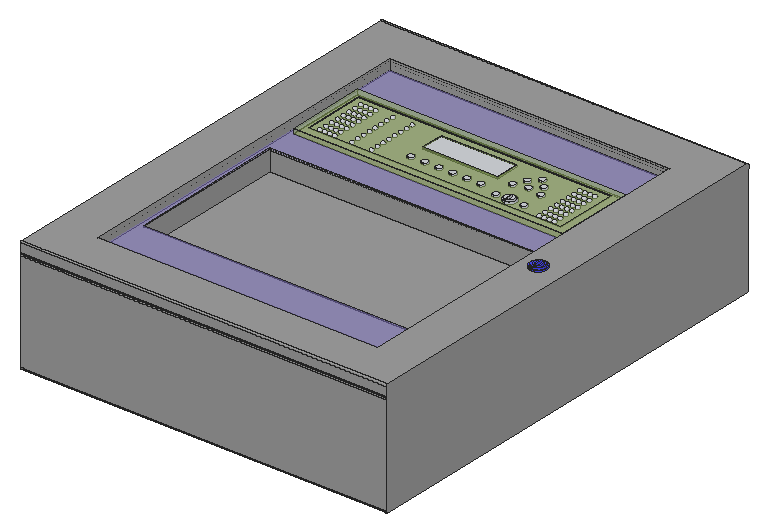
Revit family "Maxlogic Akıllı Adresli Yangın Alarm Santralı büyük kasa", category Fire Alarm Devices, host Face, Revit 2021
Family settings
  Host = Face
  Maintain Annotation Orientation = Yes
  Round Connector Dimension = Use Diameter
  Part Type = Normal
  OmniClass Number = 23.85.30.21
  OmniClass Title = Environmental Detection/Registration
  Cut with Voids When Loaded = No
  Shared = No
  Room Calculation Point = No
Parameters (values of type "Maxlogic Akıllı Adresli Yangın Alarm Santralı, Çevrimsiz, Network")
  Weight = "~ 34,25 - 35,70 kg (Akü hariç ağırlık)"
  Weatherproof surface mounting back box = ""
  Warranty Duration Unit = "Year"
  Warranty Duration Parts = "2"
  Warranty Duration Labor = "2"
  Version = ""
  URL = "https://www.mavili.com.tr/"
  Recessed mounting base = ""
  Public Works Pose Number = ""
  Protection Sign = "IP30"
  Product Code = "ML-1250.N"
  Phone Number = "(+)90 216 466 45 05"
  Operatonal Voltage (default) = ""
  Operating voltage range = ""
  Operating temperature = "(-10°C) - (+55°C)"
  Nominal Depth = "205 mm"
  Nominal Width = "650 mm"
  Nominal Height = "800 mm"
  Mounting surface = "Duvara montaj"
  Mounting height = ""
  Model = "Maxlogic"
  Manufacturer = "Mavili Elektronik Ticaret A.Ş."
  Installation Manual = "https://mavilielektronik.com/Revit/ML12XX_kk.pdf"
  Indicator output = ""
  Fax Number = "(+)90 216 466 45 10"
  External supply = "220 V AC"
  Email = "mavili@mavili.com.tr"
  Disclaimer = ""
  Device Adress Setup = ""
  Description = "Akıllı Adresli Yangın Alarm Santralı, Çevrimsiz, Network"
  Default Elevation = 0 mm
  Current consumption = ""
  Cost unıt = ""
  Cost = 0
  Compatible sockets = ""
  Color = "Kırmızı"
  Code Performance = "EN 54\u001f-2 / EN 54-\u001f4"
  Main Material = "Metal Red"
  Secondary Material = "Plexiglas"
  Battery = "4 X (12V DC 7 Ah )"
  Address line 1 = "Şerifali Mahallesi Kutup Sokak No:27/1-2-4 Ümraniye TR-34775 İSTANBUL"
Types (18, lengths in mm): name | Public Works Pose Number | Product Code | Model | Description
  (no name) | "" | "ML-1250.N" | "Maxlogic" | "Akıllı Adresli Yangın Alarm Santralı, Çevrimsiz, Network"
  Maxlogic Akıllı Adresli Yangın Alarm Santralı, Çevrimsiz, Network | "" | "ML-1250.N" | "Maxlogic" | "Akıllı Adresli Yangın Alarm Santralı, Çevrimsiz, Network"
  Maxlogic Akıllı Adresli Yangın Alarm Santralı, 1 Çevrim, 127 Adres | "" | "ML-1251" | "Maxlogic" | "Akıllı Adresli Yangın Alarm Santralı, 1 Çevrim, 127 Adres"
  Maxlogic Akıllı Adresli Yangın Alarm Santralı, 2 Çevrim, 254 Adres | "" | "ML-1252" | "MaxLogic" | "Akıllı Adresli Yangın Alarm Santralı, 2 Çevrim, 254 Adres"
  Maxlogic Akıllı Adresli Yangın Alarm Santralı, 3 Çevrim, 381 Adres | "" | "ML-1253" | "Maxlogic" | "Akıllı Adresli Yangın Alarm Santralı, 3 Çevrim, 381 Adres"
  Maxlogic Akıllı Adresli Yangın Alarm Santralı, 4 Çevrim, 508 Adres | "" | "ML-1254" | "Maxlogic" | "Akıllı Adresli Yangın Alarm Santralı, 4 Çevrim, 508 Adres"
  Maxlogic Akıllı Adresli Yangın Alarm Santralı, 5 Çevrim, 635 Adres | "" | "ML-1255" | "Maxlogic" | "Akıllı Adresli Yangın Alarm Santralı, 5 Çevrim, 635 Adres"
  Maxlogic Akıllı Adresli Yangın Alarm Santralı, 6 Çevrim, 762 Adres | "" | "ML-1256" | "Maxlogic" | "Akıllı Adresli Yangın Alarm Santralı, 6 Çevrim, 762 Adres"
  Maxlogic Akıllı Adresli Yangın Alarm Santralı, 7 Çevrim, 889 Adres | "" | "ML-1257" | "Maxlogic" | "Akıllı Adresli Yangın Alarm Santralı, 7 Çevrim, 889 Adres"
  Maxlogic Akıllı Adresli Yangın Alarm Santralı, 8 Çevrim, 1016 Adres | "" | "ML-1258" | "Maxlogic" | "Akıllı Adresli Yangın Alarm Santralı, 8 Çevrim, 1016 Adres"
  Maxlogic Akıllı Adresli Yangın Alarm Santralı, 9 Çevrim, 1143 Adres | "833-311" | "ML-1259" | "Maxlogic" | "Akıllı Adresli Yangın Alarm Santralı, 9 Çevrim, 1143 Adres"
  Maxlogic Akıllı Adresli Yangın Alarm Santralı, 10 Çevrim, 1270 Adres | "833-312" | "ML-12510" | "Maxlogic" | "Akıllı Adresli Yangın Alarm Santralı, 10 Çevrim, 1270 Adres"
  Maxlogic Akıllı Adresli Yangın Alarm Santralı, 11 Çevrim, 1397 Adres | "833-313" | "ML-12511" | "Maxlogic" | "Akıllı Adresli Yangın Alarm Santralı, 11 Çevrim, 1397 Adres"
  Maxlogic Akıllı Adresli Yangın Alarm Santralı, 12 Çevrim, 1524 Adres | "833-314" | "ML-12512" | "Maxlogic" | "Akıllı Adresli Yangın Alarm Santralı, 12 Çevrim, 1524 Adres"
  Maxlogic Akıllı Adresli Yangın Alarm Santralı, 13 Çevrim, 1651 Adres | "833-315" | "ML-12513" | "Maxlogic" | "Akıllı Adresli Yangın Alarm Santralı, 13 Çevrim, 1651 Adres"
  Maxlogic Akıllı Adresli Yangın Alarm Santralı, 14 Çevrim, 1778 Adres | "833-316" | "ML-12514" | "Maxlogic" | "Akıllı Adresli Yangın Alarm Santralı, 14 Çevrim, 1778 Adres"
  Maxlogic Akıllı Adresli Yangın Alarm Santralı, 15 Çevrim, 1905 Adres | "833-317" | "ML-12515" | "Maxlogic" | "Akıllı Adresli Yangın Alarm Santralı, 15 Çevrim, 1905 Adres"
  Maxlogic Akıllı Adresli Yangın Alarm Santralı, 16 Çevrim, 2032 Adres | "833-318" | "ML-12516" | "Maxlogic" | "Akıllı Adresli Yangın Alarm Santralı, 16 Çevrim, 2032 Adres"
Reference planes
  plane 1 "Center (Front/Back)": y = 0
  plane 2: z = 0
  plane 3 "Center (Left/Right)": x = 0
Forms (mm)
  Extrusion 1, solid, material "MAVİLİ KIRMIZI"
    sketch origin (0, 0, 0) x (0, 1, 0) y (0, 0, 1)
      loop
        arc (400, 0) -> (401.202, 0.498) -> (401.7, 1.7) r 1.7
        line (401.7, 1.7) -> (401.7, 20) -> (401.7, 22) -> (401.7, 169.2) -> (401.7, 171.2) -> (401.7, 181.2)
        arc (401.7, 181.2) -> (401.319, 182.119) -> (400.4, 182.5) r 1.3
        line (400.4, 182.5) -> (375.5, 182.5) -> (375.5, 183.35) -> (400.4, 183.35)
        arc (400.4, 183.35) -> (402.238, 184.112) -> (403, 185.95) r 2.6
        line (403, 185.95) -> (403, 202.45)
        arc (403, 202.45) -> (402.268, 204.218) -> (400.5, 204.95) r 2.5
        line (400.5, 204.95) -> (-400.5, 204.95)
        arc (-400.5, 204.95) -> (-402.268, 204.218) -> (-403, 202.45) r 2.5
        line (-403, 202.45) -> (-403, 185.95)
        arc (-403, 185.95) -> (-402.238, 184.112) -> (-400.4, 183.35) r 2.6
        line (-400.4, 183.35) -> (-388, 183.35) -> (-375.4, 183.35) -> (-375.4, 182.507) -> (-400.401, 182.507)
        arc (-400.401, 182.507) -> (-401.319, 182.127) -> (-401.7, 181.208) r 1.299
        line (-401.7, 181.208) -> (-401.7, 1.7)
        arc (-401.7, 1.7) -> (-401.202, 0.498) -> (-400, 0) r 1.7
        line (-400, 0) -> (400, 0)
    from 0 to 653.309
  Extrusion 2, solid, material "MAVİLİ KOYU GRİ"
    sketch origin (0, 400.5, 204.95) x (0, -1, 0) y (1, 0, 0)
      loop
        circle (408.79, 607.566) r 14.964
    from 0 to 1.467
  Extrusion 3, solid, material "MAVİLİ KOYU GRİ"
    sketch origin (0, 400.5, 204.95) x (0, -1, 0) y (1, 0, 0)
      loop
        circle (408.79, 607.566) r 11.5
    from 0 to 3.526
  Extrusion 4, solid, material "MAVİLİ KOYU GRİ"
    sketch origin (0, 400.5, 204.95) x (0, -1, 0) y (1, 0, 0)
      loop
        circle (408.79, 607.566) r 7.5
    from 0 to 4.805
  Extrusion 5, solid, material "MAVİLİ KOYU GRİ"
    sketch origin (0, 400.5, 204.95) x (0, -1, 0) y (1, 0, 0)
      loop
        line (414.975, 609.11) -> (402.606, 609.11) -> (402.606, 606.022) -> (414.975, 606.022) -> (414.975, 609.11)
    from 0 to 7.467
  Extrusion 6, void
    sketch origin (0, 0, 0) x (1, 0, 0) y (0, 1, 0)
      loop
        line (77.8, 322.429) -> (77.8, -327.571) -> (577.8, -327.571) -> (577.8, 322.429) -> (77.8, 322.429)
    from 185.95 to 212.35
  Extrusion 7, solid, material "MAVİLİ BEYAZ"
    sketch origin (0, 0, 185.95) x (1, 0, 0) y (0, 1, 0)
      loop
        line (87.8, 238.929) -> (87.8, 95.929) -> (567.8, 95.929) -> (567.8, 238.929) -> (87.8, 238.929)
    from 0 to 11.04
  Extrusion 8, void
    sketch origin (0, 0, 196.99) x (0, 1, 0) y (1, 0, 0)
      loop
        line (223.929, 102.8) -> (223.929, 552.8) -> (110.929, 552.8) -> (110.929, 102.8) -> (223.929, 102.8)
    from 0 to 2.067
  Revolve 9, solid
    sketch origin (0, 0, 194.923) x (0, 1, 0) y (-1, 0, 0)
      loop
        line (211.929, -117.7) -> (205.929, -117.7)
        arc (205.929, -117.7) -> (208.929, -120.7) -> (211.929, -117.7) r 3
      axis (211.929, -117.7) -> (205.929, -117.7)
    angle from 0 to -180
  Revolve 10, solid
    sketch origin (9, 0, 194.923) x (0, 1, 0) y (-1, 0, 0)
      loop
        line (211.929, -117.7) -> (205.929, -117.7)
        arc (205.929, -117.7) -> (208.929, -120.7) -> (211.929, -117.7) r 3
      axis (211.929, -117.7) -> (205.929, -117.7)
    angle from 0 to -180
  Revolve 11, solid
    sketch origin (18, 0, 194.923) x (0, 1, 0) y (-1, 0, 0)
      loop
        line (211.929, -117.7) -> (205.929, -117.7)
        arc (205.929, -117.7) -> (208.929, -120.7) -> (211.929, -117.7) r 3
      axis (211.929, -117.7) -> (205.929, -117.7)
    angle from 0 to -180
  Revolve 12, solid
    sketch origin (27, 0, 194.923) x (0, 1, 0) y (-1, 0, 0)
      loop
        line (211.929, -117.7) -> (205.929, -117.7)
        arc (205.929, -117.7) -> (208.929, -120.7) -> (211.929, -117.7) r 3
      axis (211.929, -117.7) -> (205.929, -117.7)
    angle from 0 to -180
  Revolve 13, solid
    sketch origin (0, -13, 194.923) x (0, 1, 0) y (-1, 0, 0)
      loop
        line (211.929, -117.7) -> (205.929, -117.7)
        arc (205.929, -117.7) -> (208.929, -120.7) -> (211.929, -117.7) r 3
      axis (211.929, -117.7) -> (205.929, -117.7)
    angle from 0 to -180
  Revolve 14, solid
    sketch origin (9, -13, 194.923) x (0, 1, 0) y (-1, 0, 0)
      loop
        line (211.929, -117.7) -> (205.929, -117.7)
        arc (205.929, -117.7) -> (208.929, -120.7) -> (211.929, -117.7) r 3
      axis (211.929, -117.7) -> (205.929, -117.7)
    angle from 0 to -180
  Revolve 15, solid
    sketch origin (18, -13, 194.923) x (0, 1, 0) y (-1, 0, 0)
      loop
        line (211.929, -117.7) -> (205.929, -117.7)
        arc (205.929, -117.7) -> (208.929, -120.7) -> (211.929, -117.7) r 3
      axis (211.929, -117.7) -> (205.929, -117.7)
    angle from 0 to -180
  Revolve 16, solid
    sketch origin (27, -13, 194.923) x (0, 1, 0) y (-1, 0, 0)
      loop
        line (211.929, -117.7) -> (205.929, -117.7)
        arc (205.929, -117.7) -> (208.929, -120.7) -> (211.929, -117.7) r 3
      axis (211.929, -117.7) -> (205.929, -117.7)
    angle from 0 to -180
  Revolve 17, solid
    sketch origin (0, -26, 194.923) x (0, 1, 0) y (-1, 0, 0)
      loop
        line (211.929, -117.7) -> (205.929, -117.7)
        arc (205.929, -117.7) -> (208.929, -120.7) -> (211.929, -117.7) r 3
      axis (211.929, -117.7) -> (205.929, -117.7)
    angle from 0 to -180
  Revolve 18, solid
    sketch origin (9, -26, 194.923) x (0, 1, 0) y (-1, 0, 0)
      loop
        line (211.929, -117.7) -> (205.929, -117.7)
        arc (205.929, -117.7) -> (208.929, -120.7) -> (211.929, -117.7) r 3
      axis (211.929, -117.7) -> (205.929, -117.7)
    angle from 0 to -180
  Revolve 19, solid
    sketch origin (18, -26, 194.923) x (0, 1, 0) y (-1, 0, 0)
      loop
        line (211.929, -117.7) -> (205.929, -117.7)
        arc (205.929, -117.7) -> (208.929, -120.7) -> (211.929, -117.7) r 3
      axis (211.929, -117.7) -> (205.929, -117.7)
    angle from 0 to -180
  Revolve 20, solid
    sketch origin (27, -26, 194.923) x (0, 1, 0) y (-1, 0, 0)
      loop
        line (211.929, -117.7) -> (205.929, -117.7)
        arc (205.929, -117.7) -> (208.929, -120.7) -> (211.929, -117.7) r 3
      axis (211.929, -117.7) -> (205.929, -117.7)
    angle from 0 to -180
  Revolve 21, solid
    sketch origin (0, -39, 194.923) x (0, 1, 0) y (-1, 0, 0)
      loop
        line (211.929, -117.7) -> (205.929, -117.7)
        arc (205.929, -117.7) -> (208.929, -120.7) -> (211.929, -117.7) r 3
      axis (211.929, -117.7) -> (205.929, -117.7)
    angle from 0 to -180
  Revolve 22, solid
    sketch origin (9, -39, 194.923) x (0, 1, 0) y (-1, 0, 0)
      loop
        line (211.929, -117.7) -> (205.929, -117.7)
        arc (205.929, -117.7) -> (208.929, -120.7) -> (211.929, -117.7) r 3
      axis (211.929, -117.7) -> (205.929, -117.7)
    angle from 0 to -180
  Revolve 23, solid
    sketch origin (18, -39, 194.923) x (0, 1, 0) y (-1, 0, 0)
      loop
        line (211.929, -117.7) -> (205.929, -117.7)
        arc (205.929, -117.7) -> (208.929, -120.7) -> (211.929, -117.7) r 3
      axis (211.929, -117.7) -> (205.929, -117.7)
    angle from 0 to -180
  Revolve 24, solid
    sketch origin (27, -39, 194.923) x (0, 1, 0) y (-1, 0, 0)
      loop
        line (211.929, -117.7) -> (205.929, -117.7)
        arc (205.929, -117.7) -> (208.929, -120.7) -> (211.929, -117.7) r 3
      axis (211.929, -117.7) -> (205.929, -117.7)
    angle from 0 to -180
  Revolve 25, solid
    sketch origin (0, -52, 194.923) x (0, 1, 0) y (-1, 0, 0)
      loop
        line (211.929, -117.7) -> (205.929, -117.7)
        arc (205.929, -117.7) -> (208.929, -120.7) -> (211.929, -117.7) r 3
      axis (211.929, -117.7) -> (205.929, -117.7)
    angle from 0 to -180
  Revolve 26, solid
    sketch origin (9, -52, 194.923) x (0, 1, 0) y (-1, 0, 0)
      loop
        line (211.929, -117.7) -> (205.929, -117.7)
        arc (205.929, -117.7) -> (208.929, -120.7) -> (211.929, -117.7) r 3
      axis (211.929, -117.7) -> (205.929, -117.7)
    angle from 0 to -180
  Revolve 27, solid
    sketch origin (18, -52, 194.923) x (0, 1, 0) y (-1, 0, 0)
      loop
        line (211.929, -117.7) -> (205.929, -117.7)
        arc (205.929, -117.7) -> (208.929, -120.7) -> (211.929, -117.7) r 3
      axis (211.929, -117.7) -> (205.929, -117.7)
    angle from 0 to -180
  Revolve 28, solid
    sketch origin (27, -52, 194.923) x (0, 1, 0) y (-1, 0, 0)
      loop
        line (211.929, -117.7) -> (205.929, -117.7)
        arc (205.929, -117.7) -> (208.929, -120.7) -> (211.929, -117.7) r 3
      axis (211.929, -117.7) -> (205.929, -117.7)
    angle from 0 to -180
  Revolve 29, solid
    sketch origin (0, -65, 194.923) x (0, 1, 0) y (-1, 0, 0)
      loop
        line (211.929, -117.7) -> (205.929, -117.7)
        arc (205.929, -117.7) -> (208.929, -120.7) -> (211.929, -117.7) r 3
      axis (211.929, -117.7) -> (205.929, -117.7)
    angle from 0 to -180
  Revolve 30, solid
    sketch origin (9, -65, 194.923) x (0, 1, 0) y (-1, 0, 0)
      loop
        line (211.929, -117.7) -> (205.929, -117.7)
        arc (205.929, -117.7) -> (208.929, -120.7) -> (211.929, -117.7) r 3
      axis (211.929, -117.7) -> (205.929, -117.7)
    angle from 0 to -180
  Revolve 31, solid
    sketch origin (18, -65, 194.923) x (0, 1, 0) y (-1, 0, 0)
      loop
        line (211.929, -117.7) -> (205.929, -117.7)
        arc (205.929, -117.7) -> (208.929, -120.7) -> (211.929, -117.7) r 3
      axis (211.929, -117.7) -> (205.929, -117.7)
    angle from 0 to -180
  Revolve 32, solid
    sketch origin (27, -65, 194.923) x (0, 1, 0) y (-1, 0, 0)
      loop
        line (211.929, -117.7) -> (205.929, -117.7)
        arc (205.929, -117.7) -> (208.929, -120.7) -> (211.929, -117.7) r 3
      axis (211.929, -117.7) -> (205.929, -117.7)
    angle from 0 to -180
  Revolve 33, solid
    sketch origin (0, -78, 194.923) x (0, 1, 0) y (-1, 0, 0)
      loop
        line (211.929, -117.7) -> (205.929, -117.7)
        arc (205.929, -117.7) -> (208.929, -120.7) -> (211.929, -117.7) r 3
      axis (211.929, -117.7) -> (205.929, -117.7)
    angle from 0 to -180
  Revolve 34, solid
    sketch origin (9, -78, 194.923) x (0, 1, 0) y (-1, 0, 0)
      loop
        line (211.929, -117.7) -> (205.929, -117.7)
        arc (205.929, -117.7) -> (208.929, -120.7) -> (211.929, -117.7) r 3
      axis (211.929, -117.7) -> (205.929, -117.7)
    angle from 0 to -180
  Revolve 35, solid
    sketch origin (18, -78, 194.923) x (0, 1, 0) y (-1, 0, 0)
      loop
        line (211.929, -117.7) -> (205.929, -117.7)
        arc (205.929, -117.7) -> (208.929, -120.7) -> (211.929, -117.7) r 3
      axis (211.929, -117.7) -> (205.929, -117.7)
    angle from 0 to -180
  Revolve 36, solid
    sketch origin (27, -78, 194.923) x (0, 1, 0) y (-1, 0, 0)
      loop
        line (211.929, -117.7) -> (205.929, -117.7)
        arc (205.929, -117.7) -> (208.929, -120.7) -> (211.929, -117.7) r 3
      axis (211.929, -117.7) -> (205.929, -117.7)
    angle from 0 to -180
  Revolve 37, solid
    sketch origin (0, -91, 194.923) x (0, 1, 0) y (-1, 0, 0)
      loop
        line (211.929, -117.7) -> (205.929, -117.7)
        arc (205.929, -117.7) -> (208.929, -120.7) -> (211.929, -117.7) r 3
      axis (211.929, -117.7) -> (205.929, -117.7)
    angle from 0 to -180
  Revolve 38, solid
    sketch origin (9, -91, 194.923) x (0, 1, 0) y (-1, 0, 0)
      loop
        line (211.929, -117.7) -> (205.929, -117.7)
        arc (205.929, -117.7) -> (208.929, -120.7) -> (211.929, -117.7) r 3
      axis (211.929, -117.7) -> (205.929, -117.7)
    angle from 0 to -180
  Revolve 39, solid
    sketch origin (18, -91, 194.923) x (0, 1, 0) y (-1, 0, 0)
      loop
        line (211.929, -117.7) -> (205.929, -117.7)
        arc (205.929, -117.7) -> (208.929, -120.7) -> (211.929, -117.7) r 3
      axis (211.929, -117.7) -> (205.929, -117.7)
    angle from 0 to -180
  Revolve 40, solid
    sketch origin (27, -91, 194.923) x (0, 1, 0) y (-1, 0, 0)
      loop
        line (211.929, -117.7) -> (205.929, -117.7)
        arc (205.929, -117.7) -> (208.929, -120.7) -> (211.929, -117.7) r 3
      axis (211.929, -117.7) -> (205.929, -117.7)
    angle from 0 to -180
  Revolve 41, solid
    sketch origin (57, 0, 194.923) x (0, 1, 0) y (-1, 0, 0)
      loop
        line (211.929, -117.7) -> (205.929, -117.7)
        arc (205.929, -117.7) -> (208.929, -120.7) -> (211.929, -117.7) r 3
      axis (211.929, -117.7) -> (205.929, -117.7)
    angle from 0 to -180
  Revolve 42, solid
    sketch origin (57, -13, 194.923) x (0, 1, 0) y (-1, 0, 0)
      loop
        line (211.929, -117.7) -> (205.929, -117.7)
        arc (205.929, -117.7) -> (208.929, -120.7) -> (211.929, -117.7) r 3
      axis (211.929, -117.7) -> (205.929, -117.7)
    angle from 0 to -180
  Revolve 43, solid
    sketch origin (57, -26, 194.923) x (0, 1, 0) y (-1, 0, 0)
      loop
        line (211.929, -117.7) -> (205.929, -117.7)
        arc (205.929, -117.7) -> (208.929, -120.7) -> (211.929, -117.7) r 3
      axis (211.929, -117.7) -> (205.929, -117.7)
    angle from 0 to -180
  Revolve 44, solid
    sketch origin (57, -39, 194.923) x (0, 1, 0) y (-1, 0, 0)
      loop
        line (211.929, -117.7) -> (205.929, -117.7)
        arc (205.929, -117.7) -> (208.929, -120.7) -> (211.929, -117.7) r 3
      axis (211.929, -117.7) -> (205.929, -117.7)
    angle from 0 to -180
  Revolve 45, solid
    sketch origin (57, -52, 194.923) x (0, 1, 0) y (-1, 0, 0)
      loop
        line (211.929, -117.7) -> (205.929, -117.7)
        arc (205.929, -117.7) -> (208.929, -120.7) -> (211.929, -117.7) r 3
      axis (211.929, -117.7) -> (205.929, -117.7)
    angle from 0 to -180
  Revolve 46, solid
    sketch origin (57, -65, 194.923) x (0, 1, 0) y (-1, 0, 0)
      loop
        line (211.929, -117.7) -> (205.929, -117.7)
        arc (205.929, -117.7) -> (208.929, -120.7) -> (211.929, -117.7) r 3
      axis (211.929, -117.7) -> (205.929, -117.7)
    angle from 0 to -180
  Revolve 47, solid
    sketch origin (57, -78, 194.923) x (0, 1, 0) y (-1, 0, 0)
      loop
        line (211.929, -117.7) -> (205.929, -117.7)
        arc (205.929, -117.7) -> (208.929, -120.7) -> (211.929, -117.7) r 3
      axis (211.929, -117.7) -> (205.929, -117.7)
    angle from 0 to -180
  Revolve 48, solid
    sketch origin (57, -91, 194.923) x (0, 1, 0) y (-1, 0, 0)
      loop
        line (211.929, -117.7) -> (205.929, -117.7)
        arc (205.929, -117.7) -> (208.929, -120.7) -> (211.929, -117.7) r 3
      axis (211.929, -117.7) -> (205.929, -117.7)
    angle from 0 to -180
  Revolve 49, solid
    sketch origin (92, 0, 194.923) x (0, 1, 0) y (-1, 0, 0)
      loop
        line (211.929, -117.7) -> (205.929, -117.7)
        arc (205.929, -117.7) -> (208.929, -120.7) -> (211.929, -117.7) r 3
      axis (211.929, -117.7) -> (205.929, -117.7)
    angle from 0 to -180
  Revolve 50, solid
    sketch origin (92, -13, 194.923) x (0, 1, 0) y (-1, 0, 0)
      loop
        line (211.929, -117.7) -> (205.929, -117.7)
        arc (205.929, -117.7) -> (208.929, -120.7) -> (211.929, -117.7) r 3
      axis (211.929, -117.7) -> (205.929, -117.7)
    angle from 0 to -180
  Revolve 51, solid
    sketch origin (92, -26, 194.923) x (0, 1, 0) y (-1, 0, 0)
      loop
        line (211.929, -117.7) -> (205.929, -117.7)
        arc (205.929, -117.7) -> (208.929, -120.7) -> (211.929, -117.7) r 3
      axis (211.929, -117.7) -> (205.929, -117.7)
    angle from 0 to -180
  Revolve 52, solid
    sketch origin (92, -39, 194.923) x (0, 1, 0) y (-1, 0, 0)
      loop
        line (211.929, -117.7) -> (205.929, -117.7)
        arc (205.929, -117.7) -> (208.929, -120.7) -> (211.929, -117.7) r 3
      axis (211.929, -117.7) -> (205.929, -117.7)
    angle from 0 to -180
  Revolve 53, solid
    sketch origin (92, -52, 194.923) x (0, 1, 0) y (-1, 0, 0)
      loop
        line (211.929, -117.7) -> (205.929, -117.7)
        arc (205.929, -117.7) -> (208.929, -120.7) -> (211.929, -117.7) r 3
      axis (211.929, -117.7) -> (205.929, -117.7)
    angle from 0 to -180
  Revolve 54, solid
    sketch origin (92, -65, 194.923) x (0, 1, 0) y (-1, 0, 0)
      loop
        line (211.929, -117.7) -> (205.929, -117.7)
        arc (205.929, -117.7) -> (208.929, -120.7) -> (211.929, -117.7) r 3
      axis (211.929, -117.7) -> (205.929, -117.7)
    angle from 0 to -180
  Revolve 55, solid
    sketch origin (92, -78, 194.923) x (0, 1, 0) y (-1, 0, 0)
      loop
        line (211.929, -117.7) -> (205.929, -117.7)
        arc (205.929, -117.7) -> (208.929, -120.7) -> (211.929, -117.7) r 3
      axis (211.929, -117.7) -> (205.929, -117.7)
    angle from 0 to -180
  Revolve 56, solid
    sketch origin (92, -91, 194.923) x (0, 1, 0) y (-1, 0, 0)
      loop
        line (211.929, -117.7) -> (205.929, -117.7)
        arc (205.929, -117.7) -> (208.929, -120.7) -> (211.929, -117.7) r 3
      axis (211.929, -117.7) -> (205.929, -117.7)
    angle from 0 to -180
  Extrusion 57, solid
    sketch origin (0, 0, 194.923) x (0, 1, 0) y (-1, 0, 0)
      loop
        circle (137.429, -264.2) r 5.5
    from 0 to 1.44
  Extrusion 58, solid
    sketch origin (25, 0, 194.923) x (0, 1, 0) y (-1, 0, 0)
      loop
        circle (137.429, -264.2) r 5.5
    from 0 to 1.44
  Extrusion 59, solid
    sketch origin (50, 0, 194.923) x (0, 1, 0) y (-1, 0, 0)
      loop
        circle (137.429, -264.2) r 5.5
    from 0 to 1.44
  Extrusion 60, solid
    sketch origin (75, 0, 194.923) x (0, 1, 0) y (-1, 0, 0)
      loop
        circle (137.429, -264.2) r 5.5
    from 0 to 1.44
  Extrusion 61, solid
    sketch origin (100, 0, 194.923) x (0, 1, 0) y (-1, 0, 0)
      loop
        circle (137.429, -264.2) r 5.5
    from 0 to 1.44
  Extrusion 62, solid
    sketch origin (125, 0, 194.923) x (0, 1, 0) y (-1, 0, 0)
      loop
        circle (137.429, -264.2) r 5.5
    from 0 to 1.44
  Extrusion 63, solid
    sketch origin (159.838, -9.99, 194.923) x (0, 1, 0) y (-1, 0, 0)
      loop
        circle (137.429, -264.2) r 5.5
    from 0 to 1.44
  Extrusion 64, solid
    sketch origin (209.838, -9.99, 194.923) x (0, 1, 0) y (-1, 0, 0)
      loop
        circle (137.429, -264.2) r 5.5
    from 0 to 1.44
  Extrusion 65, solid
    sketch origin (209.838, 27.51, 194.923) x (0, 1, 0) y (-1, 0, 0)
      loop
        circle (137.429, -264.2) r 5.5
    from 0 to 1.44
  Extrusion 66, solid
    sketch origin (184.09, 32.515, 194.923) x (0, 1, 0) y (-1, 0, 0)
      loop
        circle (137.429, -264.2) r 5.5
    from 0 to 1.44
  Extrusion 67, solid
    sketch origin (159.636, 27.318, 194.923) x (0, 1, 0) y (-1, 0, 0)
      loop
        circle (137.429, -264.2) r 5.5
    from 0 to 1.44
  Extrusion 68, solid
    sketch origin (169.48, 47.5, 194.923) x (0, 1, 0) y (-1, 0, 0)
      loop
        circle (137.429, -264.2) r 5.5
    from 0 to 1.44
  Extrusion 69, solid
    sketch origin (199.52, 47.5, 194.923) x (0, 1, 0) y (-1, 0, 0)
      loop
        circle (137.429, -264.2) r 5.5
    from 0 to 1.44
  Extrusion 70, solid
    sketch origin (184.52, 62.5, 194.923) x (0, 1, 0) y (-1, 0, 0)
      loop
        circle (137.429, -264.2) r 5.5
    from 0 to 1.44
  Revolve 71, solid
    sketch origin (391, 0, 194.923) x (0, 1, 0) y (-1, 0, 0)
      loop
        line (211.929, -117.7) -> (205.929, -117.7)
        arc (205.929, -117.7) -> (208.929, -120.7) -> (211.929, -117.7) r 3
      axis (211.929, -117.7) -> (205.929, -117.7)
    angle from 0 to -180
  Revolve 72, solid
    sketch origin (400, 0, 194.923) x (0, 1, 0) y (-1, 0, 0)
      loop
        line (211.929, -117.7) -> (205.929, -117.7)
        arc (205.929, -117.7) -> (208.929, -120.7) -> (211.929, -117.7) r 3
      axis (211.929, -117.7) -> (205.929, -117.7)
    angle from 0 to -180
  Revolve 73, solid
    sketch origin (409, 0, 194.923) x (0, 1, 0) y (-1, 0, 0)
      loop
        line (211.929, -117.7) -> (205.929, -117.7)
        arc (205.929, -117.7) -> (208.929, -120.7) -> (211.929, -117.7) r 3
      axis (211.929, -117.7) -> (205.929, -117.7)
    angle from 0 to -180
  Revolve 74, solid
    sketch origin (418, 0, 194.923) x (0, 1, 0) y (-1, 0, 0)
      loop
        line (211.929, -117.7) -> (205.929, -117.7)
        arc (205.929, -117.7) -> (208.929, -120.7) -> (211.929, -117.7) r 3
      axis (211.929, -117.7) -> (205.929, -117.7)
    angle from 0 to -180
  Revolve 75, solid
    sketch origin (391, -13, 194.923) x (0, 1, 0) y (-1, 0, 0)
      loop
        line (211.929, -117.7) -> (205.929, -117.7)
        arc (205.929, -117.7) -> (208.929, -120.7) -> (211.929, -117.7) r 3
      axis (211.929, -117.7) -> (205.929, -117.7)
    angle from 0 to -180
  Revolve 76, solid
    sketch origin (400, -13, 194.923) x (0, 1, 0) y (-1, 0, 0)
      loop
        line (211.929, -117.7) -> (205.929, -117.7)
        arc (205.929, -117.7) -> (208.929, -120.7) -> (211.929, -117.7) r 3
      axis (211.929, -117.7) -> (205.929, -117.7)
    angle from 0 to -180
  Revolve 77, solid
    sketch origin (409, -13, 194.923) x (0, 1, 0) y (-1, 0, 0)
      loop
        line (211.929, -117.7) -> (205.929, -117.7)
        arc (205.929, -117.7) -> (208.929, -120.7) -> (211.929, -117.7) r 3
      axis (211.929, -117.7) -> (205.929, -117.7)
    angle from 0 to -180
  Revolve 78, solid
    sketch origin (418, -13, 194.923) x (0, 1, 0) y (-1, 0, 0)
      loop
        line (211.929, -117.7) -> (205.929, -117.7)
        arc (205.929, -117.7) -> (208.929, -120.7) -> (211.929, -117.7) r 3
      axis (211.929, -117.7) -> (205.929, -117.7)
    angle from 0 to -180
  Revolve 79, solid
    sketch origin (391, -26, 194.923) x (0, 1, 0) y (-1, 0, 0)
      loop
        line (211.929, -117.7) -> (205.929, -117.7)
        arc (205.929, -117.7) -> (208.929, -120.7) -> (211.929, -117.7) r 3
      axis (211.929, -117.7) -> (205.929, -117.7)
    angle from 0 to -180
  Revolve 80, solid
    sketch origin (400, -26, 194.923) x (0, 1, 0) y (-1, 0, 0)
      loop
        line (211.929, -117.7) -> (205.929, -117.7)
        arc (205.929, -117.7) -> (208.929, -120.7) -> (211.929, -117.7) r 3
      axis (211.929, -117.7) -> (205.929, -117.7)
    angle from 0 to -180
  Revolve 81, solid
    sketch origin (409, -26, 194.923) x (0, 1, 0) y (-1, 0, 0)
      loop
        line (211.929, -117.7) -> (205.929, -117.7)
        arc (205.929, -117.7) -> (208.929, -120.7) -> (211.929, -117.7) r 3
      axis (211.929, -117.7) -> (205.929, -117.7)
    angle from 0 to -180
  Revolve 82, solid
    sketch origin (418, -26, 194.923) x (0, 1, 0) y (-1, 0, 0)
      loop
        line (211.929, -117.7) -> (205.929, -117.7)
        arc (205.929, -117.7) -> (208.929, -120.7) -> (211.929, -117.7) r 3
      axis (211.929, -117.7) -> (205.929, -117.7)
    angle from 0 to -180
  Revolve 83, solid
    sketch origin (391, -39, 194.923) x (0, 1, 0) y (-1, 0, 0)
      loop
        line (211.929, -117.7) -> (205.929, -117.7)
        arc (205.929, -117.7) -> (208.929, -120.7) -> (211.929, -117.7) r 3
      axis (211.929, -117.7) -> (205.929, -117.7)
    angle from 0 to -180
  Revolve 84, solid
    sketch origin (400, -39, 194.923) x (0, 1, 0) y (-1, 0, 0)
      loop
        line (211.929, -117.7) -> (205.929, -117.7)
        arc (205.929, -117.7) -> (208.929, -120.7) -> (211.929, -117.7) r 3
      axis (211.929, -117.7) -> (205.929, -117.7)
    angle from 0 to -180
  Revolve 85, solid
    sketch origin (409, -39, 194.923) x (0, 1, 0) y (-1, 0, 0)
      loop
        line (211.929, -117.7) -> (205.929, -117.7)
        arc (205.929, -117.7) -> (208.929, -120.7) -> (211.929, -117.7) r 3
      axis (211.929, -117.7) -> (205.929, -117.7)
    angle from 0 to -180
  Revolve 86, solid
    sketch origin (418, -39, 194.923) x (0, 1, 0) y (-1, 0, 0)
      loop
        line (211.929, -117.7) -> (205.929, -117.7)
        arc (205.929, -117.7) -> (208.929, -120.7) -> (211.929, -117.7) r 3
      axis (211.929, -117.7) -> (205.929, -117.7)
    angle from 0 to -180
  Revolve 87, solid
    sketch origin (391, -52, 194.923) x (0, 1, 0) y (-1, 0, 0)
      loop
        line (211.929, -117.7) -> (205.929, -117.7)
        arc (205.929, -117.7) -> (208.929, -120.7) -> (211.929, -117.7) r 3
      axis (211.929, -117.7) -> (205.929, -117.7)
    angle from 0 to -180
  Revolve 88, solid
    sketch origin (400, -52, 194.923) x (0, 1, 0) y (-1, 0, 0)
      loop
        line (211.929, -117.7) -> (205.929, -117.7)
        arc (205.929, -117.7) -> (208.929, -120.7) -> (211.929, -117.7) r 3
      axis (211.929, -117.7) -> (205.929, -117.7)
    angle from 0 to -180
  Revolve 89, solid
    sketch origin (409, -52, 194.923) x (0, 1, 0) y (-1, 0, 0)
      loop
        line (211.929, -117.7) -> (205.929, -117.7)
        arc (205.929, -117.7) -> (208.929, -120.7) -> (211.929, -117.7) r 3
      axis (211.929, -117.7) -> (205.929, -117.7)
    angle from 0 to -180
  Revolve 90, solid
    sketch origin (418, -52, 194.923) x (0, 1, 0) y (-1, 0, 0)
      loop
        line (211.929, -117.7) -> (205.929, -117.7)
        arc (205.929, -117.7) -> (208.929, -120.7) -> (211.929, -117.7) r 3
      axis (211.929, -117.7) -> (205.929, -117.7)
    angle from 0 to -180
  Revolve 91, solid
    sketch origin (391, -65, 194.923) x (0, 1, 0) y (-1, 0, 0)
      loop
        line (211.929, -117.7) -> (205.929, -117.7)
        arc (205.929, -117.7) -> (208.929, -120.7) -> (211.929, -117.7) r 3
      axis (211.929, -117.7) -> (205.929, -117.7)
    angle from 0 to -180
  Revolve 92, solid
    sketch origin (400, -65, 194.923) x (0, 1, 0) y (-1, 0, 0)
      loop
        line (211.929, -117.7) -> (205.929, -117.7)
        arc (205.929, -117.7) -> (208.929, -120.7) -> (211.929, -117.7) r 3
      axis (211.929, -117.7) -> (205.929, -117.7)
    angle from 0 to -180
  Revolve 93, solid
    sketch origin (409, -65, 194.923) x (0, 1, 0) y (-1, 0, 0)
      loop
        line (211.929, -117.7) -> (205.929, -117.7)
        arc (205.929, -117.7) -> (208.929, -120.7) -> (211.929, -117.7) r 3
      axis (211.929, -117.7) -> (205.929, -117.7)
    angle from 0 to -180
  Revolve 94, solid
    sketch origin (418, -65, 194.923) x (0, 1, 0) y (-1, 0, 0)
      loop
        line (211.929, -117.7) -> (205.929, -117.7)
        arc (205.929, -117.7) -> (208.929, -120.7) -> (211.929, -117.7) r 3
      axis (211.929, -117.7) -> (205.929, -117.7)
    angle from 0 to -180
  Revolve 95, solid
    sketch origin (391, -78, 194.923) x (0, 1, 0) y (-1, 0, 0)
      loop
        line (211.929, -117.7) -> (205.929, -117.7)
        arc (205.929, -117.7) -> (208.929, -120.7) -> (211.929, -117.7) r 3
      axis (211.929, -117.7) -> (205.929, -117.7)
    angle from 0 to -180
  Revolve 96, solid
    sketch origin (400, -78, 194.923) x (0, 1, 0) y (-1, 0, 0)
      loop
        line (211.929, -117.7) -> (205.929, -117.7)
        arc (205.929, -117.7) -> (208.929, -120.7) -> (211.929, -117.7) r 3
      axis (211.929, -117.7) -> (205.929, -117.7)
    angle from 0 to -180
  Revolve 97, solid
    sketch origin (409, -78, 194.923) x (0, 1, 0) y (-1, 0, 0)
      loop
        line (211.929, -117.7) -> (205.929, -117.7)
        arc (205.929, -117.7) -> (208.929, -120.7) -> (211.929, -117.7) r 3
      axis (211.929, -117.7) -> (205.929, -117.7)
    angle from 0 to -180
  Revolve 98, solid
    sketch origin (418, -78, 194.923) x (0, 1, 0) y (-1, 0, 0)
      loop
        line (211.929, -117.7) -> (205.929, -117.7)
        arc (205.929, -117.7) -> (208.929, -120.7) -> (211.929, -117.7) r 3
      axis (211.929, -117.7) -> (205.929, -117.7)
    angle from 0 to -180
  Revolve 99, solid
    sketch origin (391, -91, 194.923) x (0, 1, 0) y (-1, 0, 0)
      loop
        line (211.929, -117.7) -> (205.929, -117.7)
        arc (205.929, -117.7) -> (208.929, -120.7) -> (211.929, -117.7) r 3
      axis (211.929, -117.7) -> (205.929, -117.7)
    angle from 0 to -180
  Revolve 100, solid
    sketch origin (400, -91, 194.923) x (0, 1, 0) y (-1, 0, 0)
      loop
        line (211.929, -117.7) -> (205.929, -117.7)
        arc (205.929, -117.7) -> (208.929, -120.7) -> (211.929, -117.7) r 3
      axis (211.929, -117.7) -> (205.929, -117.7)
    angle from 0 to -180
  Revolve 101, solid
    sketch origin (409, -91, 194.923) x (0, 1, 0) y (-1, 0, 0)
      loop
        line (211.929, -117.7) -> (205.929, -117.7)
        arc (205.929, -117.7) -> (208.929, -120.7) -> (211.929, -117.7) r 3
      axis (211.929, -117.7) -> (205.929, -117.7)
    angle from 0 to -180
  Revolve 102, solid
    sketch origin (418, -91, 194.923) x (0, 1, 0) y (-1, 0, 0)
      loop
        line (211.929, -117.7) -> (205.929, -117.7)
        arc (205.929, -117.7) -> (208.929, -120.7) -> (211.929, -117.7) r 3
      axis (211.929, -117.7) -> (205.929, -117.7)
    angle from 0 to -180
  Extrusion 103, solid
    sketch origin (0, 0, 194.923) x (0, 1, 0) y (-1, 0, 0)
      loop
        circle (127.429, -448.7) r 11
    from 0 to 3
  Extrusion 104, solid
    sketch origin (0, 0, 194.923) x (0, 1, 0) y (-1, 0, 0)
      loop
        circle (127.429, -448.7) r 8.113
    from 0 to 5
  Extrusion 105, solid
    sketch origin (0, 0, 194.923) x (0, 1, 0) y (-1, 0, 0)
      loop
        line (131.17, -447.45) -> (121.17, -447.45) -> (121.17, -449.95) -> (131.17, -449.95) -> (131.17, -447.45)
    from 0 to 7
  Extrusion 106, void
    sketch origin (0, 0, 194.923) x (-1, 0, 0) y (0, 1, 0)
      loop
        line (-259.7, 210.929) -> (-393.7, 210.929) -> (-393.7, 169.929) -> (-259.7, 169.929) -> (-259.7, 210.929)
    from 0 to 4.399
  Extrusion 107, solid, material "MAVİLİ SİYAH"
    sketch origin (0, 0, 185.95) x (1, 0, 0) y (0, 1, 0)
      loop
        line (77.8, 322.429) -> (77.8, -327.571) -> (577.8, -327.571) -> (577.8, 322.429) -> (77.8, 322.429)
      loop
        line (87.8, 238.929) -> (87.8, 95.929) -> (567.8, 95.929) -> (567.8, 238.929) -> (87.8, 238.929)
      loop
        line (87.8, 44.429) -> (87.8, -237.571) -> (567.8, -237.571) -> (567.8, 44.429) -> (87.8, 44.429)
    from 0 to 2
  Extrusion 108, void
    sketch origin (0, 0, 185.95) x (0, 1, 0) y (1, 0, 0)
      loop
        line (44.429, 87.8) -> (44.429, 567.8) -> (-237.571, 567.8) -> (-237.571, 87.8) -> (44.429, 87.8)
    from -8.973 to 35.649
  Extrusion 109, solid
    sketch origin (0, 0, 192.662) x (-1, 0, 0) y (0, -1, 0)
      loop
        line (-393.7, -210.929) -> (-259.7, -210.929) -> (-259.7, -169.929) -> (-393.7, -169.929) -> (-393.7, -210.929)
    from 0 to 1.011
  Extrusion 110, solid, material "Glass"
    sketch origin (0, 0, 187.95) x (1, 0, 0) y (0, 1, 0)
      loop
        line (77.8, 322.429) -> (77.8, -327.571) -> (577.8, -327.571) -> (577.8, 322.429) -> (77.8, 322.429)
    from 9.04 to 14.339
  Extrusion 111, solid
    sketch origin (0, 0, 0) x (1, 0, 0) y (0, 0, 1)
      loop
        line (575.828, 96.743) -> (574.511, 96.743)
        arc (574.511, 96.743) -> (574.427, 95.036) -> (574.511, 93.33) r 17.356
        line (574.511, 93.33) -> (575.838, 93.33)
        arc (575.838, 93.33) -> (586.7, 84.067) -> (597.562, 93.33) r 11
        line (597.562, 93.33) -> (598.889, 93.33)
        arc (598.889, 93.33) -> (598.973, 95.036) -> (598.889, 96.743) r 17.356
        line (598.889, 96.743) -> (597.572, 96.743)
        arc (597.572, 96.743) -> (586.7, 106.067) -> (575.828, 96.743) r 11
    from -403.653 to -401.7
  Extrusion 112, solid
    sketch origin (-40, 0, 0) x (1, 0, 0) y (0, 0, 1)
      loop
        line (575.828, 96.743) -> (574.511, 96.743)
        arc (574.511, 96.743) -> (574.427, 95.036) -> (574.511, 93.33) r 17.356
        line (574.511, 93.33) -> (575.838, 93.33)
        arc (575.838, 93.33) -> (586.7, 84.067) -> (597.562, 93.33) r 11
        line (597.562, 93.33) -> (598.889, 93.33)
        arc (598.889, 93.33) -> (598.973, 95.036) -> (598.889, 96.743) r 17.356
        line (598.889, 96.743) -> (597.572, 96.743)
        arc (597.572, 96.743) -> (586.7, 106.067) -> (575.828, 96.743) r 11
    from -403.653 to -401.7
  Extrusion 113, solid
    sketch origin (-80, 0, 0) x (1, 0, 0) y (0, 0, 1)
      loop
        line (575.828, 96.743) -> (574.511, 96.743)
        arc (574.511, 96.743) -> (574.427, 95.036) -> (574.511, 93.33) r 17.356
        line (574.511, 93.33) -> (575.838, 93.33)
        arc (575.838, 93.33) -> (586.7, 84.067) -> (597.562, 93.33) r 11
        line (597.562, 93.33) -> (598.889, 93.33)
        arc (598.889, 93.33) -> (598.973, 95.036) -> (598.889, 96.743) r 17.356
        line (598.889, 96.743) -> (597.572, 96.743)
        arc (597.572, 96.743) -> (586.7, 106.067) -> (575.828, 96.743) r 11
    from -403.653 to -401.7
  Extrusion 114, solid
    sketch origin (-120, 0, 0) x (1, 0, 0) y (0, 0, 1)
      loop
        line (575.828, 96.743) -> (574.511, 96.743)
        arc (574.511, 96.743) -> (574.427, 95.036) -> (574.511, 93.33) r 17.356
        line (574.511, 93.33) -> (575.838, 93.33)
        arc (575.838, 93.33) -> (586.7, 84.067) -> (597.562, 93.33) r 11
        line (597.562, 93.33) -> (598.889, 93.33)
        arc (598.889, 93.33) -> (598.973, 95.036) -> (598.889, 96.743) r 17.356
        line (598.889, 96.743) -> (597.572, 96.743)
        arc (597.572, 96.743) -> (586.7, 106.067) -> (575.828, 96.743) r 11
    from -403.653 to -401.7
  Extrusion 115, solid
    sketch origin (-160, 0, 0) x (1, 0, 0) y (0, 0, 1)
      loop
        line (575.828, 96.743) -> (574.511, 96.743)
        arc (574.511, 96.743) -> (574.427, 95.036) -> (574.511, 93.33) r 17.356
        line (574.511, 93.33) -> (575.838, 93.33)
        arc (575.838, 93.33) -> (586.7, 84.067) -> (597.562, 93.33) r 11
        line (597.562, 93.33) -> (598.889, 93.33)
        arc (598.889, 93.33) -> (598.973, 95.036) -> (598.889, 96.743) r 17.356
        line (598.889, 96.743) -> (597.572, 96.743)
        arc (597.572, 96.743) -> (586.7, 106.067) -> (575.828, 96.743) r 11
    from -403.653 to -401.7
  Extrusion 116, solid
    sketch origin (-200, 0, 0) x (1, 0, 0) y (0, 0, 1)
      loop
        line (575.828, 96.743) -> (574.511, 96.743)
        arc (574.511, 96.743) -> (574.427, 95.036) -> (574.511, 93.33) r 17.356
        line (574.511, 93.33) -> (575.838, 93.33)
        arc (575.838, 93.33) -> (586.7, 84.067) -> (597.562, 93.33) r 11
        line (597.562, 93.33) -> (598.889, 93.33)
        arc (598.889, 93.33) -> (598.973, 95.036) -> (598.889, 96.743) r 17.356
        line (598.889, 96.743) -> (597.572, 96.743)
        arc (597.572, 96.743) -> (586.7, 106.067) -> (575.828, 96.743) r 11
    from -403.653 to -401.7
  Extrusion 117, solid
    sketch origin (-240, 0, 0) x (1, 0, 0) y (0, 0, 1)
      loop
        line (575.828, 96.743) -> (574.511, 96.743)
        arc (574.511, 96.743) -> (574.427, 95.036) -> (574.511, 93.33) r 17.356
        line (574.511, 93.33) -> (575.838, 93.33)
        arc (575.838, 93.33) -> (586.7, 84.067) -> (597.562, 93.33) r 11
        line (597.562, 93.33) -> (598.889, 93.33)
        arc (598.889, 93.33) -> (598.973, 95.036) -> (598.889, 96.743) r 17.356
        line (598.889, 96.743) -> (597.572, 96.743)
        arc (597.572, 96.743) -> (586.7, 106.067) -> (575.828, 96.743) r 11
    from -403.653 to -401.7
  Extrusion 118, solid
    sketch origin (-280, 0, 0) x (1, 0, 0) y (0, 0, 1)
      loop
        line (575.828, 96.743) -> (574.511, 96.743)
        arc (574.511, 96.743) -> (574.427, 95.036) -> (574.511, 93.33) r 17.356
        line (574.511, 93.33) -> (575.838, 93.33)
        arc (575.838, 93.33) -> (586.7, 84.067) -> (597.562, 93.33) r 11
        line (597.562, 93.33) -> (598.889, 93.33)
        arc (598.889, 93.33) -> (598.973, 95.036) -> (598.889, 96.743) r 17.356
        line (598.889, 96.743) -> (597.572, 96.743)
        arc (597.572, 96.743) -> (586.7, 106.067) -> (575.828, 96.743) r 11
    from -403.653 to -401.7
  Extrusion 119, solid
    sketch origin (-320, 0, 0) x (1, 0, 0) y (0, 0, 1)
      loop
        line (575.828, 96.743) -> (574.511, 96.743)
        arc (574.511, 96.743) -> (574.427, 95.036) -> (574.511, 93.33) r 17.356
        line (574.511, 93.33) -> (575.838, 93.33)
        arc (575.838, 93.33) -> (586.7, 84.067) -> (597.562, 93.33) r 11
        line (597.562, 93.33) -> (598.889, 93.33)
        arc (598.889, 93.33) -> (598.973, 95.036) -> (598.889, 96.743) r 17.356
        line (598.889, 96.743) -> (597.572, 96.743)
        arc (597.572, 96.743) -> (586.7, 106.067) -> (575.828, 96.743) r 11
    from -403.653 to -401.7
  Extrusion 120, solid
    sketch origin (-360, 0, 0) x (1, 0, 0) y (0, 0, 1)
      loop
        line (575.828, 96.743) -> (574.511, 96.743)
        arc (574.511, 96.743) -> (574.427, 95.036) -> (574.511, 93.33) r 17.356
        line (574.511, 93.33) -> (575.838, 93.33)
        arc (575.838, 93.33) -> (586.7, 84.067) -> (597.562, 93.33) r 11
        line (597.562, 93.33) -> (598.889, 93.33)
        arc (598.889, 93.33) -> (598.973, 95.036) -> (598.889, 96.743) r 17.356
        line (598.889, 96.743) -> (597.572, 96.743)
        arc (597.572, 96.743) -> (586.7, 106.067) -> (575.828, 96.743) r 11
    from -403.653 to -401.7
  Extrusion 121, solid
    sketch origin (-400, 0, 0) x (1, 0, 0) y (0, 0, 1)
      loop
        line (575.828, 96.743) -> (574.511, 96.743)
        arc (574.511, 96.743) -> (574.427, 95.036) -> (574.511, 93.33) r 17.356
        line (574.511, 93.33) -> (575.838, 93.33)
        arc (575.838, 93.33) -> (586.7, 84.067) -> (597.562, 93.33) r 11
        line (597.562, 93.33) -> (598.889, 93.33)
        arc (598.889, 93.33) -> (598.973, 95.036) -> (598.889, 96.743) r 17.356
        line (598.889, 96.743) -> (597.572, 96.743)
        arc (597.572, 96.743) -> (586.7, 106.067) -> (575.828, 96.743) r 11
    from -403.653 to -401.7
  Extrusion 122, solid
    sketch origin (-440, 0, 0) x (1, 0, 0) y (0, 0, 1)
      loop
        line (575.828, 96.743) -> (574.511, 96.743)
        arc (574.511, 96.743) -> (574.427, 95.036) -> (574.511, 93.33) r 17.356
        line (574.511, 93.33) -> (575.838, 93.33)
        arc (575.838, 93.33) -> (586.7, 84.067) -> (597.562, 93.33) r 11
        line (597.562, 93.33) -> (598.889, 93.33)
        arc (598.889, 93.33) -> (598.973, 95.036) -> (598.889, 96.743) r 17.356
        line (598.889, 96.743) -> (597.572, 96.743)
        arc (597.572, 96.743) -> (586.7, 106.067) -> (575.828, 96.743) r 11
    from -403.653 to -401.7
  Extrusion 123, solid
    sketch origin (0, 0, -50) x (1, 0, 0) y (0, 0, 1)
      loop
        line (575.828, 96.743) -> (574.511, 96.743)
        arc (574.511, 96.743) -> (574.427, 95.036) -> (574.511, 93.33) r 17.356
        line (574.511, 93.33) -> (575.838, 93.33)
        arc (575.838, 93.33) -> (586.7, 84.067) -> (597.562, 93.33) r 11
        line (597.562, 93.33) -> (598.889, 93.33)
        arc (598.889, 93.33) -> (598.973, 95.036) -> (598.889, 96.743) r 17.356
        line (598.889, 96.743) -> (597.572, 96.743)
        arc (597.572, 96.743) -> (586.7, 106.067) -> (575.828, 96.743) r 11
    from -403.653 to -401.7
  Extrusion 124, solid
    sketch origin (-40, 0, -50) x (1, 0, 0) y (0, 0, 1)
      loop
        line (575.828, 96.743) -> (574.511, 96.743)
        arc (574.511, 96.743) -> (574.427, 95.036) -> (574.511, 93.33) r 17.356
        line (574.511, 93.33) -> (575.838, 93.33)
        arc (575.838, 93.33) -> (586.7, 84.067) -> (597.562, 93.33) r 11
        line (597.562, 93.33) -> (598.889, 93.33)
        arc (598.889, 93.33) -> (598.973, 95.036) -> (598.889, 96.743) r 17.356
        line (598.889, 96.743) -> (597.572, 96.743)
        arc (597.572, 96.743) -> (586.7, 106.067) -> (575.828, 96.743) r 11
    from -403.653 to -401.7
  Extrusion 125, solid
    sketch origin (-80, 0, -50) x (1, 0, 0) y (0, 0, 1)
      loop
        line (575.828, 96.743) -> (574.511, 96.743)
        arc (574.511, 96.743) -> (574.427, 95.036) -> (574.511, 93.33) r 17.356
        line (574.511, 93.33) -> (575.838, 93.33)
        arc (575.838, 93.33) -> (586.7, 84.067) -> (597.562, 93.33) r 11
        line (597.562, 93.33) -> (598.889, 93.33)
        arc (598.889, 93.33) -> (598.973, 95.036) -> (598.889, 96.743) r 17.356
        line (598.889, 96.743) -> (597.572, 96.743)
        arc (597.572, 96.743) -> (586.7, 106.067) -> (575.828, 96.743) r 11
    from -403.653 to -401.7
  Extrusion 126, solid
    sketch origin (-120, 0, -50) x (1, 0, 0) y (0, 0, 1)
      loop
        line (575.828, 96.743) -> (574.511, 96.743)
        arc (574.511, 96.743) -> (574.427, 95.036) -> (574.511, 93.33) r 17.356
        line (574.511, 93.33) -> (575.838, 93.33)
        arc (575.838, 93.33) -> (586.7, 84.067) -> (597.562, 93.33) r 11
        line (597.562, 93.33) -> (598.889, 93.33)
        arc (598.889, 93.33) -> (598.973, 95.036) -> (598.889, 96.743) r 17.356
        line (598.889, 96.743) -> (597.572, 96.743)
        arc (597.572, 96.743) -> (586.7, 106.067) -> (575.828, 96.743) r 11
    from -403.653 to -401.7
  Extrusion 127, solid
    sketch origin (-160, 0, -50) x (1, 0, 0) y (0, 0, 1)
      loop
        line (575.828, 96.743) -> (574.511, 96.743)
        arc (574.511, 96.743) -> (574.427, 95.036) -> (574.511, 93.33) r 17.356
        line (574.511, 93.33) -> (575.838, 93.33)
        arc (575.838, 93.33) -> (586.7, 84.067) -> (597.562, 93.33) r 11
        line (597.562, 93.33) -> (598.889, 93.33)
        arc (598.889, 93.33) -> (598.973, 95.036) -> (598.889, 96.743) r 17.356
        line (598.889, 96.743) -> (597.572, 96.743)
        arc (597.572, 96.743) -> (586.7, 106.067) -> (575.828, 96.743) r 11
    from -403.653 to -401.7
  Extrusion 128, solid
    sketch origin (-200, 0, -50) x (1, 0, 0) y (0, 0, 1)
      loop
        line (575.828, 96.743) -> (574.511, 96.743)
        arc (574.511, 96.743) -> (574.427, 95.036) -> (574.511, 93.33) r 17.356
        line (574.511, 93.33) -> (575.838, 93.33)
        arc (575.838, 93.33) -> (586.7, 84.067) -> (597.562, 93.33) r 11
        line (597.562, 93.33) -> (598.889, 93.33)
        arc (598.889, 93.33) -> (598.973, 95.036) -> (598.889, 96.743) r 17.356
        line (598.889, 96.743) -> (597.572, 96.743)
        arc (597.572, 96.743) -> (586.7, 106.067) -> (575.828, 96.743) r 11
    from -403.653 to -401.7
  Extrusion 129, solid
    sketch origin (-240, 0, -50) x (1, 0, 0) y (0, 0, 1)
      loop
        line (575.828, 96.743) -> (574.511, 96.743)
        arc (574.511, 96.743) -> (574.427, 95.036) -> (574.511, 93.33) r 17.356
        line (574.511, 93.33) -> (575.838, 93.33)
        arc (575.838, 93.33) -> (586.7, 84.067) -> (597.562, 93.33) r 11
        line (597.562, 93.33) -> (598.889, 93.33)
        arc (598.889, 93.33) -> (598.973, 95.036) -> (598.889, 96.743) r 17.356
        line (598.889, 96.743) -> (597.572, 96.743)
        arc (597.572, 96.743) -> (586.7, 106.067) -> (575.828, 96.743) r 11
    from -403.653 to -401.7
  Extrusion 130, solid
    sketch origin (-280, 0, -50) x (1, 0, 0) y (0, 0, 1)
      loop
        line (575.828, 96.743) -> (574.511, 96.743)
        arc (574.511, 96.743) -> (574.427, 95.036) -> (574.511, 93.33) r 17.356
        line (574.511, 93.33) -> (575.838, 93.33)
        arc (575.838, 93.33) -> (586.7, 84.067) -> (597.562, 93.33) r 11
        line (597.562, 93.33) -> (598.889, 93.33)
        arc (598.889, 93.33) -> (598.973, 95.036) -> (598.889, 96.743) r 17.356
        line (598.889, 96.743) -> (597.572, 96.743)
        arc (597.572, 96.743) -> (586.7, 106.067) -> (575.828, 96.743) r 11
    from -403.653 to -401.7
  Extrusion 131, solid
    sketch origin (-320, 0, -50) x (1, 0, 0) y (0, 0, 1)
      loop
        line (575.828, 96.743) -> (574.511, 96.743)
        arc (574.511, 96.743) -> (574.427, 95.036) -> (574.511, 93.33) r 17.356
        line (574.511, 93.33) -> (575.838, 93.33)
        arc (575.838, 93.33) -> (586.7, 84.067) -> (597.562, 93.33) r 11
        line (597.562, 93.33) -> (598.889, 93.33)
        arc (598.889, 93.33) -> (598.973, 95.036) -> (598.889, 96.743) r 17.356
        line (598.889, 96.743) -> (597.572, 96.743)
        arc (597.572, 96.743) -> (586.7, 106.067) -> (575.828, 96.743) r 11
    from -403.653 to -401.7
  Extrusion 132, solid
    sketch origin (-360, 0, -50) x (1, 0, 0) y (0, 0, 1)
      loop
        line (575.828, 96.743) -> (574.511, 96.743)
        arc (574.511, 96.743) -> (574.427, 95.036) -> (574.511, 93.33) r 17.356
        line (574.511, 93.33) -> (575.838, 93.33)
        arc (575.838, 93.33) -> (586.7, 84.067) -> (597.562, 93.33) r 11
        line (597.562, 93.33) -> (598.889, 93.33)
        arc (598.889, 93.33) -> (598.973, 95.036) -> (598.889, 96.743) r 17.356
        line (598.889, 96.743) -> (597.572, 96.743)
        arc (597.572, 96.743) -> (586.7, 106.067) -> (575.828, 96.743) r 11
    from -403.653 to -401.7
  Extrusion 133, solid
    sketch origin (-400, 0, -50) x (1, 0, 0) y (0, 0, 1)
      loop
        line (575.828, 96.743) -> (574.511, 96.743)
        arc (574.511, 96.743) -> (574.427, 95.036) -> (574.511, 93.33) r 17.356
        line (574.511, 93.33) -> (575.838, 93.33)
        arc (575.838, 93.33) -> (586.7, 84.067) -> (597.562, 93.33) r 11
        line (597.562, 93.33) -> (598.889, 93.33)
        arc (598.889, 93.33) -> (598.973, 95.036) -> (598.889, 96.743) r 17.356
        line (598.889, 96.743) -> (597.572, 96.743)
        arc (597.572, 96.743) -> (586.7, 106.067) -> (575.828, 96.743) r 11
    from -403.653 to -401.7
  Extrusion 134, solid
    sketch origin (-440, 0, -50) x (1, 0, 0) y (0, 0, 1)
      loop
        line (575.828, 96.743) -> (574.511, 96.743)
        arc (574.511, 96.743) -> (574.427, 95.036) -> (574.511, 93.33) r 17.356
        line (574.511, 93.33) -> (575.838, 93.33)
        arc (575.838, 93.33) -> (586.7, 84.067) -> (597.562, 93.33) r 11
        line (597.562, 93.33) -> (598.889, 93.33)
        arc (598.889, 93.33) -> (598.973, 95.036) -> (598.889, 96.743) r 17.356
        line (598.889, 96.743) -> (597.572, 96.743)
        arc (597.572, 96.743) -> (586.7, 106.067) -> (575.828, 96.743) r 11
    from -403.653 to -401.7
  Extrusion 135, solid
    sketch origin (-480, 0, 0) x (1, 0, 0) y (0, 0, 1)
      loop
        line (575.828, 96.743) -> (574.511, 96.743)
        arc (574.511, 96.743) -> (574.427, 95.036) -> (574.511, 93.33) r 17.356
        line (574.511, 93.33) -> (575.838, 93.33)
        arc (575.838, 93.33) -> (586.7, 84.067) -> (597.562, 93.33) r 11
        line (597.562, 93.33) -> (598.889, 93.33)
        arc (598.889, 93.33) -> (598.973, 95.036) -> (598.889, 96.743) r 17.356
        line (598.889, 96.743) -> (597.572, 96.743)
        arc (597.572, 96.743) -> (586.7, 106.067) -> (575.828, 96.743) r 11
    from -403.653 to -401.7
  Extrusion 136, solid
    sketch origin (-480, 0, -50) x (1, 0, 0) y (0, 0, 1)
      loop
        line (575.828, 96.743) -> (574.511, 96.743)
        arc (574.511, 96.743) -> (574.427, 95.036) -> (574.511, 93.33) r 17.356
        line (574.511, 93.33) -> (575.838, 93.33)
        arc (575.838, 93.33) -> (586.7, 84.067) -> (597.562, 93.33) r 11
        line (597.562, 93.33) -> (598.889, 93.33)
        arc (598.889, 93.33) -> (598.973, 95.036) -> (598.889, 96.743) r 17.356
        line (598.889, 96.743) -> (597.572, 96.743)
        arc (597.572, 96.743) -> (586.7, 106.067) -> (575.828, 96.743) r 11
    from -403.653 to -401.7
  Extrusion 137, solid
    sketch origin (-520, 0, 0) x (1, 0, 0) y (0, 0, 1)
      loop
        line (575.828, 96.743) -> (574.511, 96.743)
        arc (574.511, 96.743) -> (574.427, 95.036) -> (574.511, 93.33) r 17.356
        line (574.511, 93.33) -> (575.838, 93.33)
        arc (575.838, 93.33) -> (586.7, 84.067) -> (597.562, 93.33) r 11
        line (597.562, 93.33) -> (598.889, 93.33)
        arc (598.889, 93.33) -> (598.973, 95.036) -> (598.889, 96.743) r 17.356
        line (598.889, 96.743) -> (597.572, 96.743)
        arc (597.572, 96.743) -> (586.7, 106.067) -> (575.828, 96.743) r 11
    from -403.653 to -401.7
  Extrusion 138, solid
    sketch origin (-520, 0, -50) x (1, 0, 0) y (0, 0, 1)
      loop
        line (575.828, 96.743) -> (574.511, 96.743)
        arc (574.511, 96.743) -> (574.427, 95.036) -> (574.511, 93.33) r 17.356
        line (574.511, 93.33) -> (575.838, 93.33)
        arc (575.838, 93.33) -> (586.7, 84.067) -> (597.562, 93.33) r 11
        line (597.562, 93.33) -> (598.889, 93.33)
        arc (598.889, 93.33) -> (598.973, 95.036) -> (598.889, 96.743) r 17.356
        line (598.889, 96.743) -> (597.572, 96.743)
        arc (597.572, 96.743) -> (586.7, 106.067) -> (575.828, 96.743) r 11
    from -403.653 to -401.7
Cuts and joins
  Extrusion 6, Extrusion 8, Extrusion 108 cuts Extrusion 1
  Extrusion 8, Extrusion 106 cuts Extrusion 7
Dimensions and locks
  aligned and locked: plane 2 to host face
  aligned and locked: level to host face
Connectors
  electrical at (326.654, 387.95, 183.35)
    settings: on cut or joined group of Extrusion 1, Extrusion 6, Extrusion 8, Extrusion 108, index 1, voltage 0 V, apparent load 0 VA, apparent load phase1 0 VA, apparent load phase2 0 VA, apparent load phase3 0 VA, power factor 1, load classification "Other", number of poles 1, system type 31, power factor state 1, is connector primary yes, connector utility no, sub classification motor no, connector description ""
